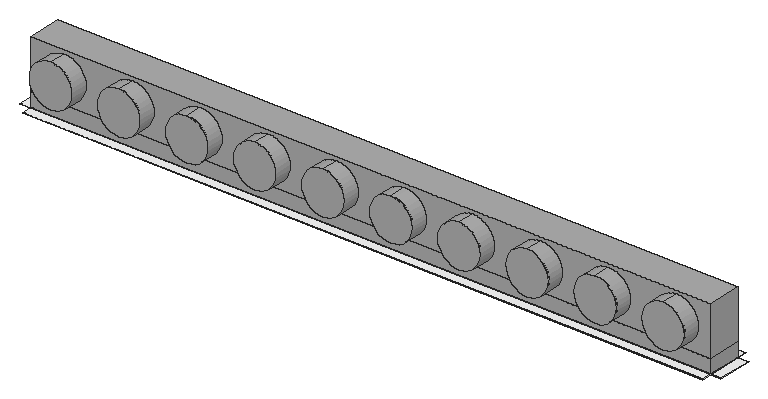
Revit family "Универсал с адаптером (2-10 Подключений) Приток", category Арматура воздуховодов, Revit 2022
Family settings
  Размер круглого соединителя = Использовать диаметр
  Тип детали = Вставляется
  На основе рабочей плоскости = Нет
  Всегда вертикально = Да
  При загрузке вырезать с полостями = Нет
  Общий = Нет
Parameters (values of type "Универсал с адаптером")
  Ширина щели решетки [instance] = 10 mm
  Ширина решетки [instance] = 100 mm
  УГО приток = yes
  УГО вытяжка = no
  Скорость воздуха [instance] = ADSK_Расход воздуха / Площадь сечения решетки  # 0.0 m/s
  Площадь сечения решетки [instance] = Длина решетки * Ширина решетки - ((Длина решетки - 2 * Ширина щели решетки) * (Ширина решетки - 2 * Ширина щели решетки))  # 0.0416 m²
  Патрубок_Расход [instance] = ADSK_Расход воздуха / Патрубки_Количество  # 0 m³/h
  Патрубки_Шаг [instance] = ADSK_Размер_Длина / Патрубки_Количество  # 200 mm
  Патрубки_Сверху [instance] = no
  Патрубки_Отступ [instance] = Патрубки_Шаг / 2  # 100 mm
  Патрубки_Количество [instance] = 10
  Отступ губ [instance] = if(Г_обр адаптер, 0 mm, (ADSK_Размер_Ширина - Ширина решетки) / 2)  # 0 mm
  Отметка по умолчанию = 0 mm
  Наименование решетки [instance] = "Вентиляционная решетка SCHIBERG УНИВЕРСАЛ"  # constant formula
  Метка [instance] = ""
  Материал КСД = ADSK_Сталь оцинкованная
  Марка решетки [instance] = size_lookup("Мини", "M", "НЕ НАЙДЕН ТИПОРАЗМЕР", ADSK_Размер_Длина, Ширина решетки, Ширина щели решетки)  # "2000x100-10"
  Количество патрубков [instance] = if(Патрубки_Количество < 2, 2, Патрубки_Количество)  # 10
  КСД_Угол [instance] = if(Патрубки_Сверху, 100.00°, 10.00°)  # 10.00°
  Патрубки_Длина = 50 mm
  КСД_Отступ [instance] = if(Патрубки_Сверху, 0.5 * ADSK_Размер_Высота, ADSK_Размер_Ширина / 2)  # 50 mm
  Патрубки_Диаметр [instance] = 125 mm
  Длина решетки [instance] = 2000 mm
  Г_обр адаптер [instance] = no
  H [instance] = Высота губ + 2 mm  # 42 mm
  Высота губ [instance] = 40 mm
  ADSK_Расход воздуха [instance] = 0 m³/h
  ADSK_Размер_Ширина [instance] = if(Патрубки_Сверху, if(Патрубки_Диаметр = 75 mm, if(Патрубки_Диаметр + 25 mm > Ширина решетки, Патрубки_Диаметр + 25 mm, Ширина решетки), if(Патрубки_Диаметр = 90 mm, if(Патрубки_Диаметр + 30 mm > Ширина решетки, Патрубки_Диаметр + 30 mm, Ширина решетки), if(Патрубки_Диаметр + 20 mm > Ширина решетки, Патрубки_Диаметр + 20 mm, Ширина решетки))), Ширина решетки)  # 100 mm
  ADSK_Размер_Длина [instance] = Длина решетки  # 2000 mm
  ADSK_Размер_Высота [instance] = if(Патрубки_Диаметр = 75 mm, Патрубки_Диаметр + 25 mm, if(Патрубки_Диаметр = 90 mm, Патрубки_Диаметр + 30 mm, Патрубки_Диаметр + 20 mm))  # 145 mm
  ADSK_Примечание [instance] = if(Высота губ = 40 mm, "", "Не типовая высота губ")  # ""
  ADSK_Потеря давления воздуха [instance] = 0.0 Pa
  ADSK_Позиция_Сортировка [instance] = 0
  ADSK_Позиция_Комплект [instance] = 0
  ADSK_Наименование краткое = "Адаптер с решеткой SCHIBERG"  # constant formula
  ADSK_Наименование [instance] = if(ADSK_Размер_Ширина = Ширина решетки, "Адаптер П-образный под решетку SCHIBERG", if(Г_обр адаптер, "Адаптер Г-образный под решетку SCHIBERG", "Адаптер Т-образный под решетку SCHIBERG"))  # "Адаптер П-образный под решетку SCHIBERG"
  ADSK_Материал = RGB_RAL 9003 (Белый сигнальный)
  ADSK_Марка [instance] = size_lookup("КСД для прямоугольных", "", "НЕ НАЙДЕН ТИПОРАЗМЕР", ADSK_Размер_Длина, Ширина решетки, Количество патрубков, Патрубки_Диаметр, КСД_Угол)  # "2000х100 (сверху 10х125)"
  ADSK_Количество = 1  # constant formula
  ADSK_Код изделия = ""
  ADSK_Завод-изготовитель = "SCHIBERG"  # constant formula
  ADSK_Единица измерения = "шт."  # constant formula
  ADSK_Группирование [instance] = ""
  75+ [instance] = not([75])  # yes
  75 [instance] = or(Патрубки_Диаметр = 75 mm, Патрубки_Диаметр = 90 mm)  # no
Reference planes
  plane 1 "По центру (Вперед/Назад)": y = 0
  plane 2: z = 0
  plane 3 "По центру (Влево/Вправо)": x = 0
  plane 4: z = 42
  plane 5: y = 50
  plane 6: y = -50
  plane 7: x = -1000
  plane 8: x = 1000
  plane 9: z = 187
  plane 10: y = -50
  plane 11 "Патрубки": z = 114.5
  plane 12: x = -900
  plane 13: x = -700
  plane 14: y = 50
  plane 15: y = 0
Forms (mm)
  Extrusion 1, solid, material "ADSK_Сталь оцинкованная" <- "Материал КСД", detail levels medium+fine
    sketch origin (0, 0, 0) x (0, 1, 0) y (0, 0, 1)
      loop
        line (50, 42) -> (-50, 42) -> (-50, 1) -> (50, 1) -> (50, 42)
    from -1000 to 1000
  Extrusion 2, solid, material "ADSK_Сталь оцинкованная" <- "Материал КСД", detail levels medium+fine
    sketch origin (0, 0, 0) x (0, 1, 0) y (0, 0, 1)
      loop
        line (50, 187) -> (-50, 187) -> (-50, 42) -> (50, 42) -> (50, 187)
    from -1000 to 1000
Lines and regions (mm)
  symbolic lines, detail levels coarse+medium
    curve 1: line (-1000, 108.5, 0) -> (1000, 108.5, 0)
    curve 2: line (-1000, -50, 0) -> (-1000, 108.5, 0)
    curve 3: line (1000, -50, 0) -> (-1000, -50, 0)
    curve 4: line (1000, 108.5, 0) -> (1000, -50, 0)
  model lines, visible <- "УГО приток"
    curve 5: line (-200, 0, -69.985) -> (200, 0, -69.985)
    curve 6: line (-200, 0, -69.985) -> (0, 0, -185.455)
    curve 7: line (0, 0, -185.455) -> (200, 0, -69.985)
  model lines, visible <- "УГО вытяжка"
    curve 8: line (-200, 0, -185.455) -> (200, 0, -185.455)
    curve 9: line (0, 0, -69.985) -> (200, 0, -185.455)
    curve 10: line (0, 0, -69.985) -> (-200, 0, -185.455)
Dimensions and locks
  "H": plane 4 to level
  "Ширина решетки": plane 5 to plane 6
  equal spacing: plane 7, plane 3 "По центру (Влево/Вправо)", plane 8
  "ADSK_Размер_Длина": plane 7 to plane 8
  "ADSK_Размер_Высота": plane 9 to plane 4
  equal spacing: plane 9, plane 11 "Патрубки", plane 4
  "Патрубки_Отступ": plane 7 to plane 12
  "Патрубки_Шаг": plane 12 to plane 13
  equal spacing: group 1, group 2, group 3, group 4, group 5, group 6, group 7, group 8, group 9, group 10  (x2)
  equal spacing: group 10, group 9, group 8, group 7, group 6, group 5, group 4, group 3, group 2, group 1
  "ADSK_Размер_Ширина": plane 14 to plane 10
  equal spacing: curve 5, plane 3 "По центру (Влево/Вправо)", curve 5
  locked: curve 5 to curve 5 at 400
  equal spacing: plane 14, plane 1 "По центру (Вперед/Назад)", plane 10
  "Отступ губ": plane 14 to plane 5
  locked: plane 2 to curve 5 at 69.985
  locked: level to curve 8 at 185.455
  equal spacing: curve 9, plane 3 "По центру (Влево/Вправо)", curve 10
  equal spacing: plane 5, plane 15, plane 6
  locked: curve 5 to curve 7 (angle 30.00°)
  locked: curve 6 to curve 5 (angle 30.00°)
  locked: curve 8 to curve 10 (angle 30.00°)
  locked: curve 9 to curve 8 (angle 30.00°)
  aligned and locked: level to plane 2
  aligned and locked: plane 4 to Extrusion 1 sketch curve
  aligned and locked: Extrusion 1 sketch curve to plane 5
  aligned and locked: Extrusion 1 sketch curve to plane 6
  aligned and locked: Extrusion 1 to plane 7
  aligned and locked: plane 8 to Extrusion 1
  aligned and locked: plane 10 to Extrusion 2 sketch curve
  aligned and locked: Extrusion 2 sketch curve to plane 9
  aligned and locked: Extrusion 2 sketch curve to plane 4
  aligned and locked: plane 8 to Extrusion 2
  aligned and locked: Extrusion 2 to plane 7
  aligned and locked: plane 11 "Патрубки" to nested 1
  aligned and locked: nested 1 to plane 12
  aligned and locked: nested 2 to plane 13
  aligned and locked: plane 11 "Патрубки" to nested 2
  aligned and locked: plane 7 to curve 2
  aligned and locked: curve 4 to plane 8
  aligned and locked: plane 10 to curve 3
  aligned and locked: Extrusion 2 to plane 14
  aligned and locked: plane 1 "По центру (Вперед/Назад)" to nested 1
  aligned and locked: plane 1 "По центру (Вперед/Назад)" to nested 10
  aligned and locked: plane 1 "По центру (Вперед/Назад)" to nested 9
  aligned and locked: plane 1 "По центру (Вперед/Назад)" to nested 8
  aligned and locked: plane 1 "По центру (Вперед/Назад)" to nested 7
  aligned and locked: plane 1 "По центру (Вперед/Назад)" to nested 6
  aligned and locked: plane 1 "По центру (Вперед/Назад)" to nested 5
  aligned and locked: plane 1 "По центру (Вперед/Назад)" to nested 4
  aligned and locked: plane 1 "По центру (Вперед/Назад)" to nested 3
  aligned and locked: plane 1 "По центру (Вперед/Назад)" to nested 2
  aligned and locked: plane 3 "По центру (Влево/Вправо)" to nested 11
  aligned and locked: nested 11 to level
  aligned and locked: nested 11 to plane 15
Automatic sketch dimensions
  curve 1 to plane 5 = 58.5 mm
  Extrusion 1 sketch curve to plane 6 = 0 mm
  Extrusion 2 sketch curve to plane 5 = 0 mm
  level to Extrusion 1 sketch curve = 1 mm
Nested families
  nested 1: "Патрубки" at (-900, 0, 114.5) x (0, -1, 0) z (0, 0, 1), ADSK_Материал <- "Материал КСД", D <- "Патрубки_Диаметр", L <- "Патрубки_Длина", S <- "КСД_Отступ", Угол <- "КСД_Угол", Видимость 1 <- "75+", Видимость 2 <- "75", type "Патрубки"
    with Угол 10.00°, Видимость 2 no, Видимость 1 yes, S 50 mm, L 50 mm, D 125 mm, ADSK_Материал ADSK_Сталь оцинкованная, ADSK_Количество 1
  nested 2: "Патрубки" at (-700, 0, 114.5) x (0, -1, 0) z (0, 0, 1), ADSK_Материал <- "Материал КСД", D <- "Патрубки_Диаметр", L <- "Патрубки_Длина", S <- "КСД_Отступ", Угол <- "КСД_Угол", Видимость 1 <- "75+", Видимость 2 <- "75", type "Патрубки"
    with Угол 10.00°, Видимость 2 no, Видимость 1 yes, S 50 mm, L 50 mm, D 125 mm, ADSK_Материал ADSK_Сталь оцинкованная, ADSK_Количество 1
  nested 3: "Патрубки" at (-500, 0, 114.5) x (0, -1, 0) z (0, 0, 1), ADSK_Материал <- "Материал КСД", D <- "Патрубки_Диаметр", L <- "Патрубки_Длина", S <- "КСД_Отступ", Угол <- "КСД_Угол", Видимость 1 <- "75+", Видимость 2 <- "75", type "Патрубки"
    with Угол 10.00°, Видимость 2 no, Видимость 1 yes, S 50 mm, L 50 mm, D 125 mm, ADSK_Материал ADSK_Сталь оцинкованная, ADSK_Количество 1
  nested 4: "Патрубки" at (-300, 0, 114.5) x (0, -1, 0) z (0, 0, 1), ADSK_Материал <- "Материал КСД", D <- "Патрубки_Диаметр", L <- "Патрубки_Длина", S <- "КСД_Отступ", Угол <- "КСД_Угол", Видимость 1 <- "75+", Видимость 2 <- "75", type "Патрубки"
    with Угол 10.00°, Видимость 2 no, Видимость 1 yes, S 50 mm, L 50 mm, D 125 mm, ADSK_Материал ADSK_Сталь оцинкованная, ADSK_Количество 1
  nested 5: "Патрубки" at (-100, 0, 114.5) x (0, -1, 0) z (0, 0, 1), ADSK_Материал <- "Материал КСД", D <- "Патрубки_Диаметр", L <- "Патрубки_Длина", S <- "КСД_Отступ", Угол <- "КСД_Угол", Видимость 1 <- "75+", Видимость 2 <- "75", type "Патрубки"
    with Угол 10.00°, Видимость 2 no, Видимость 1 yes, S 50 mm, L 50 mm, D 125 mm, ADSK_Материал ADSK_Сталь оцинкованная, ADSK_Количество 1
  nested 6: "Патрубки" at (100, 0, 114.5) x (0, -1, 0) z (0, 0, 1), ADSK_Материал <- "Материал КСД", D <- "Патрубки_Диаметр", L <- "Патрубки_Длина", S <- "КСД_Отступ", Угол <- "КСД_Угол", Видимость 1 <- "75+", Видимость 2 <- "75", type "Патрубки"
    with Угол 10.00°, Видимость 2 no, Видимость 1 yes, S 50 mm, L 50 mm, D 125 mm, ADSK_Материал ADSK_Сталь оцинкованная, ADSK_Количество 1
  nested 7: "Патрубки" at (300, 0, 114.5) x (0, -1, 0) z (0, 0, 1), ADSK_Материал <- "Материал КСД", D <- "Патрубки_Диаметр", L <- "Патрубки_Длина", S <- "КСД_Отступ", Угол <- "КСД_Угол", Видимость 1 <- "75+", Видимость 2 <- "75", type "Патрубки"
    with Угол 10.00°, Видимость 2 no, Видимость 1 yes, S 50 mm, L 50 mm, D 125 mm, ADSK_Материал ADSK_Сталь оцинкованная, ADSK_Количество 1
  nested 8: "Патрубки" at (500, 0, 114.5) x (0, -1, 0) z (0, 0, 1), ADSK_Материал <- "Материал КСД", D <- "Патрубки_Диаметр", L <- "Патрубки_Длина", S <- "КСД_Отступ", Угол <- "КСД_Угол", Видимость 1 <- "75+", Видимость 2 <- "75", type "Патрубки"
    with Угол 10.00°, Видимость 2 no, Видимость 1 yes, S 50 mm, L 50 mm, D 125 mm, ADSK_Материал ADSK_Сталь оцинкованная, ADSK_Количество 1
  nested 9: "Патрубки" at (700, 0, 114.5) x (0, -1, 0) z (0, 0, 1), ADSK_Материал <- "Материал КСД", D <- "Патрубки_Диаметр", L <- "Патрубки_Длина", S <- "КСД_Отступ", Угол <- "КСД_Угол", Видимость 1 <- "75+", Видимость 2 <- "75", type "Патрубки"
    with Угол 10.00°, Видимость 2 no, Видимость 1 yes, S 50 mm, L 50 mm, D 125 mm, ADSK_Материал ADSK_Сталь оцинкованная, ADSK_Количество 1
  nested 10: "Патрубки" at (900, 0, 114.5) x (0, -1, 0) z (0, 0, 1), ADSK_Материал <- "Материал КСД", D <- "Патрубки_Диаметр", L <- "Патрубки_Длина", S <- "КСД_Отступ", Угол <- "КСД_Угол", Видимость 1 <- "75+", Видимость 2 <- "75", type "Патрубки"
    with Угол 10.00°, Видимость 2 no, Видимость 1 yes, S 50 mm, L 50 mm, D 125 mm, ADSK_Материал ADSK_Сталь оцинкованная, ADSK_Количество 1
  nested 11: "Прямоугольная решетка" at (0, 0, 0) x (1, 0, 0) z (0, -1, 0), ADSK_Расход воздуха <- "ADSK_Расход воздуха", Скорость воздуха <- "Скорость воздуха", ADSK_Марка <- "Марка решетки", ADSK_Наименование <- "Наименование решетки", ADSK_Размер_Длина <- "Длина решетки", ADSK_Размер_Ширина <- "Ширина решетки", Ширина щели <- "Ширина щели решетки", Материал отделки <- "ADSK_Материал", ADSK_Обозначение <- "Метка", type "Решетка Schiberg"
    with Ширина щели 10 mm, Скорость воздуха 0.0 m/s, Материал отделки RGB_RAL 9003 (Белый сигнальный), ADSK_Расход воздуха 0 m³/h, ADSK_Размер_Ширина 100 mm, ADSK_Размер_Длина 2000 mm, ADSK_Позиция "", ADSK_Обозначение "", ADSK_Наименование краткое "", ADSK_Наименование "Вентиляционная решетка SCHIBERG УНИВЕРСАЛ", ADSK_Марка "2000x100-10"
Connectors
  hvac at (-900, -100, 114.5), driven by "Патрубки_Диаметр", driven by "Патрубок_Расход", driven by "ADSK_Потеря давления воздуха"
    settings: on nested 1, index 1, duct flow 0 m³/h, flow factor 0, pres drop 0.0 Pa, loss coef 0, conn angle 0.00°, conn width 304.8 mm, conn height 304.8 mm, conn diameter 125 mm, duct sys type 1, conn prof type 0, flow config 1, flow direction 1, loss method 0, conn ref index -1, conn util no, is conn primary yes, conn desc ""
  hvac at (-700, -100, 114.5), driven by "Патрубки_Диаметр", driven by "Патрубок_Расход"
    settings: on nested 2, index 2, duct flow 0 m³/h, flow factor 0, pres drop 0.0 Pa, loss coef 0, conn angle 0.00°, conn width 304.8 mm, conn height 304.8 mm, conn diameter 125 mm, duct sys type 1, conn prof type 0, flow config 1, flow direction 1, loss method 0, conn ref index -1, conn util no, is conn primary no, conn desc ""
  hvac at (-500, -100, 114.5), driven by "Патрубки_Диаметр", driven by "Патрубок_Расход"
    settings: on nested 3, index 3, duct flow 0 m³/h, flow factor 0, pres drop 0.0 Pa, loss coef 0, conn angle 0.00°, conn width 304.8 mm, conn height 304.8 mm, conn diameter 125 mm, duct sys type 1, conn prof type 0, flow config 1, flow direction 1, loss method 0, conn ref index -1, conn util no, is conn primary no, conn desc ""
  hvac at (-300, -100, 114.5), driven by "Патрубки_Диаметр", driven by "Патрубок_Расход"
    settings: on nested 4, index 5, duct flow 0 m³/h, flow factor 0, pres drop 0.0 Pa, loss coef 0, conn angle 0.00°, conn width 304.8 mm, conn height 304.8 mm, conn diameter 125 mm, duct sys type 1, conn prof type 0, flow config 1, flow direction 1, loss method 0, conn ref index -1, conn util no, is conn primary no, conn desc ""
  hvac at (-100, -100, 114.5), driven by "Патрубки_Диаметр", driven by "Патрубок_Расход"
    settings: on nested 5, index 6, duct flow 0 m³/h, flow factor 0, pres drop 0.0 Pa, loss coef 0, conn angle 0.00°, conn width 304.8 mm, conn height 304.8 mm, conn diameter 125 mm, duct sys type 1, conn prof type 0, flow config 1, flow direction 1, loss method 0, conn ref index -1, conn util no, is conn primary no, conn desc ""
  hvac at (100, -100, 114.5), driven by "Патрубки_Диаметр", driven by "Патрубок_Расход"
    settings: on nested 6, index 7, duct flow 0 m³/h, flow factor 0, pres drop 0.0 Pa, loss coef 0, conn angle 0.00°, conn width 304.8 mm, conn height 304.8 mm, conn diameter 125 mm, duct sys type 1, conn prof type 0, flow config 1, flow direction 1, loss method 0, conn ref index -1, conn util no, is conn primary no, conn desc ""
  hvac at (300, -100, 114.5), driven by "Патрубки_Диаметр", driven by "Патрубок_Расход"
    settings: on nested 7, index 8, duct flow 0 m³/h, flow factor 0, pres drop 0.0 Pa, loss coef 0, conn angle 0.00°, conn width 304.8 mm, conn height 304.8 mm, conn diameter 125 mm, duct sys type 1, conn prof type 0, flow config 1, flow direction 1, loss method 0, conn ref index -1, conn util no, is conn primary no, conn desc ""
  hvac at (500, -100, 114.5), driven by "Патрубки_Диаметр", driven by "Патрубок_Расход"
    settings: on nested 8, index 9, duct flow 0 m³/h, flow factor 0, pres drop 0.0 Pa, loss coef 0, conn angle 0.00°, conn width 304.8 mm, conn height 304.8 mm, conn diameter 125 mm, duct sys type 1, conn prof type 0, flow config 1, flow direction 1, loss method 0, conn ref index -1, conn util no, is conn primary no, conn desc ""
  hvac at (700, -100, 114.5), driven by "Патрубки_Диаметр", driven by "Патрубок_Расход"
    settings: on nested 9, index 10, duct flow 0 m³/h, flow factor 0, pres drop 0.0 Pa, loss coef 0, conn angle 0.00°, conn width 304.8 mm, conn height 304.8 mm, conn diameter 125 mm, duct sys type 1, conn prof type 0, flow config 1, flow direction 1, loss method 0, conn ref index -1, conn util no, is conn primary no, conn desc ""
  hvac at (900, -100, 114.5), driven by "Патрубки_Диаметр", driven by "Патрубок_Расход"
    settings: on nested 10, index 11, duct flow 0 m³/h, flow factor 0, pres drop 0.0 Pa, loss coef 0, conn angle 0.00°, conn width 304.8 mm, conn height 304.8 mm, conn diameter 125 mm, duct sys type 1, conn prof type 0, flow config 1, flow direction 1, loss method 0, conn ref index -1, conn util no, is conn primary no, conn desc ""
Definition of nested family "Патрубки"
  Parameters (values of type "Патрубки")
    Угол [instance] = 30.00°
    Default Elevation = 0 mm
    Видимость 2 [instance] = no
    Видимость 1 [instance] = yes
    S [instance] = 70 mm
    L [instance] = 50 mm
    D [instance] = 100 mm
    ADSK_Наименование = "Врезка в адаптер"
    ADSK_Материал [instance] = none
    ADSK_Количество [instance] = if(Видимость 1, 1, 0)  # 1
    ADSK_Единица измерения = "шт."  # constant formula
  Reference planes
    plane 1 "По центру (Вперед/Назад)": y = 0
    plane 2: z = 0
    plane 3 "По центру (Влево/Вправо)": x = 0
  Forms (mm)
    Sweep 1, solid, material <- "ADSK_Материал", visible <- "Видимость 1"
      path in 3D
        loop
          line (65.778, 0, 23.941) -> (112.763, 0, 41.042)
      profile origin (89.271, 0, 32.492) x (-0.34202, 0, 0.939693) y (0, -1, 0)
        loop
          circle (0, 0) r 50
  Lines and regions (mm)
    reference lines
      curve 1: line (0, 0, 0) -> (14.772, 0, -2.605)
      curve 2: line (0, 0, 0) -> (65.778, 0, 23.941)
      curve 3: line (65.778, 0, 23.941) -> (112.763, 0, 41.042)
    sketch lines
      curve 4: line (65.778, 0, 23.941) -> (112.763, 0, 41.042)
    model lines, detail levels coarse
      curve 5: line (0, 0, 0) -> (65.778, 0, 23.941)
      curve 6: line (65.778, 0, 23.941) -> (112.763, 0, 41.042)
  Dimensions and locks
    "S": curve 2 to curve 2
    "L": curve 3 to curve 3
    "S": curve 5 to curve 5
    "L": curve 6 to curve 6
    "D": diameter of Sweep 1 sketch curve
    locked: curve 1 to level (angle 10.00°)
    "Угол": angle curve 1 to curve 2
    "Угол": angle curve 1 to curve 3
    "Угол": angle curve 1 to curve 5
    "Угол": angle curve 1 to curve 6
    "Угол": angle curve 1 to nested 1
    aligned and locked: level to plane 2
    aligned and locked: plane 3 "По центру (Влево/Вправо)" to curve 1
    aligned and locked: level to curve 1
    aligned and locked: plane 3 "По центру (Влево/Вправо)" to curve 2
    aligned and locked: level to curve 2
    aligned and locked: plane 3 "По центру (Влево/Вправо)" to curve 5
    aligned and locked: level to curve 5
    aligned and locked: nested 1 to Sweep 1
  Automatic sketch dimensions
    Sweep 1 sketch curve to profile plane = 0 mm
    profile plane to Sweep 1 sketch curve = 0 mm
  Nested families
    nested 1: "Фланец DN75" at (54.032, 0, 19.666) x (0, 1, 0) z (0.342, 0, -0.9397), visible <- "Видимость 2", Типоразмер <- "D", type "Default 2"
      with Типоразмер 100 mm, Длина 75 mm, Двн врезки 35 mm, r3 100 mm, r2 40 mm, r1 35 mm, D90 no, D75 no, ADSK_Техническая характеристика "Ø75", ADSK_Марка "", ADSK_Количество 1, ADSK_Код изделия "", ADSK_Единица измерения "шт."
  Definition of nested family "Фланец DN75"
    Parameters (values of type "Фланец")
      б = 3.5 mm  # constant formula
      Толщина стенки = 1 mm  # constant formula
      Типоразмер [instance] = 75 mm
      Default Elevation = 0 mm
      Длина [instance] = 75 mm  # constant formula
      Двн врезки [instance] = if(D90, 45 mm, 35 mm)  # 35 mm
      Глубина врезки = 13.5 mm  # constant formula
      r3 [instance] = 100 mm  # constant formula
      r2 [instance] = Двн врезки + 5 mm  # 40 mm
      r1 [instance] = Двн врезки  # 35 mm
      D90 [instance] = if(Типоразмер = 90 mm, 1 = 1, 1 = 0)  # no
      D75 [instance] = if(Типоразмер = 75 mm, 1 = 1, 1 = 0)  # yes
      ADSK_Техническая характеристика [instance] = if(D90, "Ø90", "Ø75")  # "Ø75"
      ADSK_Наименование = "Фланец"  # constant formula
      ADSK_Марка [instance] = ""
      ADSK_Количество [instance] = 1  # constant formula
      ADSK_Код изделия [instance] = ""
      ADSK_Завод-изготовитель = "SCHIBERG"  # constant formula
      ADSK_Единица измерения [instance] = "шт."  # constant formula
    Reference planes
      plane 1 "По центру (Вперед/Назад)": y = 0
      plane 2: z = 0
      plane 3 "По центру (Влево/Вправо)": x = 0
      plane 4: x = -35
      plane 5: x = -38.5
      plane 6: y = -75
      plane 7: y = -13.5
    Forms (mm)
      Extrusion 1, solid
        sketch origin (0, 0, 0) x (1, 0, 0) y (0, 1, 0)
          loop
            line (1.764, -7.5) -> (24.182, -7.5)
            arc (24.182, -7.5) -> (24.76, -7.26) -> (25, -6.682) r 0.818
            line (25, -6.682) -> (25, -4.498)
            arc (25, -4.498) -> (24.923, -4.111) -> (24.704, -3.783) r 1.012
            line (24.704, -3.783) -> (21.251, -0.33)
            arc (21.251, -0.33) -> (20.885, -0.086) -> (20.454, 0) r 1.127
            line (20.454, 0) -> (-14.395, 0)
            arc (-14.395, 0) -> (-14.797, -0.08) -> (-15.139, -0.308) r 1.052
            line (-15.139, -0.308) -> (-24.68, -9.849)
            arc (-24.68, -9.849) -> (-24.917, -10.204) -> (-25, -10.623) r 1.094
            line (-25, -10.623) -> (-25, -12.137) -> (-22.993, -12.137) -> (-22.993, -11.028) -> (-2.639, -11.028)
            arc (-2.639, -11.028) -> (-2.23, -10.947) -> (-1.884, -10.715) r 1.068
            line (-1.884, -10.715) -> (1.026, -7.806)
            arc (1.026, -7.806) -> (1.365, -7.58) -> (1.764, -7.5) r 1.045
        from 20 to 70
      Extrusion 2, solid
        sketch origin (0, 0, 0) x (-0.5, 0, -0.866025) y (0, 1, 0)
          loop
            line (1.764, -7.5) -> (24.182, -7.5)
            arc (24.182, -7.5) -> (24.76, -7.26) -> (25, -6.682) r 0.818
            line (25, -6.682) -> (25, -4.498)
            arc (25, -4.498) -> (24.923, -4.111) -> (24.704, -3.783) r 1.012
            line (24.704, -3.783) -> (21.251, -0.33)
            arc (21.251, -0.33) -> (20.885, -0.086) -> (20.454, 0) r 1.127
            line (20.454, 0) -> (-14.395, 0)
            arc (-14.395, 0) -> (-14.797, -0.08) -> (-15.139, -0.308) r 1.052
            line (-15.139, -0.308) -> (-24.68, -9.849)
            arc (-24.68, -9.849) -> (-24.917, -10.204) -> (-25, -10.623) r 1.094
            line (-25, -10.623) -> (-25, -12.137) -> (-22.993, -12.137) -> (-22.993, -11.028) -> (-2.639, -11.028)
            arc (-2.639, -11.028) -> (-2.23, -10.947) -> (-1.884, -10.715) r 1.068
            line (-1.884, -10.715) -> (1.026, -7.806)
            arc (1.026, -7.806) -> (1.365, -7.58) -> (1.764, -7.5) r 1.045
        from 20 to 70
      Extrusion 3, solid
        sketch origin (0, 0, 0) x (-0.5, 0, 0.866025) y (0, 1, 0)
          loop
            line (1.764, -7.5) -> (24.182, -7.5)
            arc (24.182, -7.5) -> (24.76, -7.26) -> (25, -6.682) r 0.818
            line (25, -6.682) -> (25, -4.498)
            arc (25, -4.498) -> (24.923, -4.111) -> (24.704, -3.783) r 1.012
            line (24.704, -3.783) -> (21.251, -0.33)
            arc (21.251, -0.33) -> (20.885, -0.086) -> (20.454, 0) r 1.127
            line (20.454, 0) -> (-14.395, 0)
            arc (-14.395, 0) -> (-14.797, -0.08) -> (-15.139, -0.308) r 1.052
            line (-15.139, -0.308) -> (-24.68, -9.849)
            arc (-24.68, -9.849) -> (-24.917, -10.204) -> (-25, -10.623) r 1.094
            line (-25, -10.623) -> (-25, -12.137) -> (-22.993, -12.137) -> (-22.993, -11.028) -> (-2.639, -11.028)
            arc (-2.639, -11.028) -> (-2.23, -10.947) -> (-1.884, -10.715) r 1.068
            line (-1.884, -10.715) -> (1.026, -7.806)
            arc (1.026, -7.806) -> (1.365, -7.58) -> (1.764, -7.5) r 1.045
        from 20 to 70
      Extrusion 4, void
        sketch origin (0, 0, 0) x (1, 0, 0) y (0, 0, 1)
          loop
            circle (0, 0) r 35
        from 0 to 15
      Extrusion 5, void
        sketch origin (0, 0, 0) x (1, 0, 0) y (0, 0, 1)
          loop
            circle (0, 0) r 100
          loop
            circle (0, 0) r 40
        from 0 to 13
      Revolve 6, solid
        sketch origin (0, 0, 0) x (1, 0, 0) y (0, 1, 0)
          loop
            line (-44.5, -13.5) -> (-36, -13.5) -> (-36, -12.5) -> (-39.036, -9.464) -> (-39.743, -10.172) -> (-37.414, -12.5) -> (-44.5, -12.5) -> (-44.5, -13.5)
          axis (0, -9.464) -> (0, -13.5)
        angle from 0 to 360
      Revolve 7, solid
        sketch origin (0, 0, 0) x (1, 0, 0) y (0, 1, 0)
          loop
            line (-35, 0) -> (-36, 0) -> (-36, -13.5) -> (-44.225, -13.5) -> (-44.225, -14.5) -> (-39.5, -14.5) -> (-39.5, -57.532)
            arc (-39.5, -57.532) -> (-39.675, -60.208) -> (-40.199, -62.839) r 20.506
            line (-40.199, -62.839) -> (-43.457, -75) -> (-42.422, -75) -> (-39.319, -63.42)
            arc (-39.319, -63.42) -> (-38.706, -60.336) -> (-38.5, -57.198) r 24.042
            line (-38.5, -57.198) -> (-38.5, -14.5) -> (-35, -14.5) -> (-35, 0)
          axis (0, 0) -> (0, -75)
        angle from 0 to 360
    Cuts and joins
      Extrusion 4, Extrusion 5 cuts Extrusion 1
      Extrusion 4, Extrusion 5 cuts Extrusion 2
      Extrusion 4, Extrusion 5 cuts Extrusion 3
    Dimensions and locks
      "Двн врезки": plane 4 to plane 3 "По центру (Влево/Вправо)"
      "б": plane 5 to plane 4
      "Длина": plane 6 to plane 1 "По центру (Вперед/Назад)"
      "Глубина врезки": plane 7 to plane 1 "По центру (Вперед/Назад)"
      "Толщина стенки": Revolve 7 sketch curve to plane 4
      "Толщина стенки": plane 7 to Revolve 7 sketch curve
      "Толщина стенки": Revolve 7 sketch curve to plane 5
      "Толщина стенки": Revolve 7 sketch curve to Revolve 7 sketch curve
      "Толщина стенки": Revolve 6 sketch curve to plane 7
      "Толщина стенки": Revolve 6 sketch curve to plane 4
      locked: Revolve 6 sketch curve to plane 4 at 9.5
      "Толщина стенки": Revolve 6 sketch curve to Revolve 6 sketch curve  (x2)
      locked: Revolve 6 sketch curve to Revolve 6 sketch curve at 5
      "r1": radius of Extrusion 4 sketch curve
      "r2": radius of Extrusion 5 sketch curve
      "r3": radius of Extrusion 5 sketch curve
      locked: Revolve 7 sketch curve to plane 5 (angle 15.00°)
      locked: plane 4 to Revolve 6 sketch curve (angle 45.00°)
      aligned and locked: level to plane 2
      aligned and locked: Revolve 7 sketch curve to plane 4
      aligned and locked: Revolve 7 sketch curve to plane 5
      aligned and locked: Revolve 7 sketch curve to plane 1 "По центру (Вперед/Назад)"
      aligned and locked: plane 7 to Revolve 7 sketch curve
      aligned and locked: Revolve 7 sketch curve to plane 3 "По центру (Влево/Вправо)"
      aligned and locked: Revolve 7 sketch curve to plane 6
      aligned and locked: Revolve 6 sketch curve to plane 7
      aligned and locked: plane 3 "По центру (Влево/Вправо)" to Extrusion 4 sketch curve
      aligned and locked: plane 2 to Extrusion 4 sketch curve
      aligned and locked: plane 3 "По центру (Влево/Вправо)" to Extrusion 5 sketch curve  (x2)
      aligned and locked: plane 2 to Extrusion 5 sketch curve  (x2)
    Automatic sketch dimensions
      Revolve 6 sketch curve to plane 3 "По центру (Влево/Вправо)" = 0 mm
      Revolve 6 sketch curve to plane 6 = 1925 mm
      Revolve 6 sketch curve to plane 1 "По центру (Вперед/Назад)" = 2000 mm
      Revolve 7 sketch curve to plane 5 = 1.699 mm
      Revolve 7 sketch curve to Revolve 7 sketch curve = 2.223 mm
      Revolve 7 sketch curve to Revolve 7 sketch curve = 4.725 mm
      plane 6 to Revolve 7 sketch curve = 17.468 mm
      Revolve 7 sketch curve to Revolve 7 sketch curve = 2.536 mm
      Revolve 7 sketch curve to plane 5 = 0.819 mm
      Revolve 7 sketch curve to plane 7 = 1 mm
      plane 6 to Revolve 7 sketch curve = 24.441 mm
      Revolve 7 sketch curve to plane 1 "По центру (Вперед/Назад)" = 19.441 mm
Definition of nested family "Прямоугольная решетка"
  Parameters (values of type "Решетка Schiberg")
    Ширина щели [instance] = 10 mm
    Толщина листа = 1 mm
    Скорость воздуха [instance] = 1.02881 m/s
    Default Elevation = 0 mm
    Материал отделки [instance] = none
    ADSK_Расход воздуха [instance] = 80 m³/h
    ADSK_Размер_Ширина [instance] = 55 mm
    ADSK_Размер_Длина [instance] = 1000 mm
    ADSK_Примечание = ""
    ADSK_Позиция [instance] = ""
    ADSK_Обозначение [instance] = ""
    ADSK_Наименование краткое [instance] = ""
    ADSK_Наименование [instance] = "Вентиляционная решётка SCHIBERG ПРОФИ"
    ADSK_Марка [instance] = "350X100-10"
    ADSK_Количество = 1  # constant formula
    ADSK_Завод-изготовитель = "SCHIBERG"  # constant formula
    ADSK_Единица измерения = "шт."  # constant formula
  Reference planes
    plane 1 "По центру (Вперед/Назад)": y = 0
    plane 2: z = 0
    plane 3 "По центру (Влево/Вправо)": x = 0
    plane 4: z = -27.5
    plane 5: z = 27.5
    plane 6: z = 57.5
    plane 7: z = -57.5
    plane 8: z = -17.5
    plane 9: z = 17.5
    plane 10: x = -500
    plane 11: x = 500
    plane 12: x = 530
    plane 13: x = -530
    plane 14: x = -490
    plane 15: x = 490
    plane 16: y = 1
    plane 17: y = -1
  Forms (mm)
    Extrusion 1, solid, material <- "Материал отделки", detail levels medium+fine
      sketch origin (0, 0, 0) x (1, 0, 0) y (0, 0, 1)
        loop
          line (-490, 17.5) -> (-490, -17.5) -> (490, -17.5) -> (490, 17.5) -> (-490, 17.5)
      from -1 to 0
    Extrusion 2, solid, material <- "Материал отделки", detail levels medium+fine
      sketch origin (0, 0, 0) x (1, 0, 0) y (0, 0, 1)
        loop
          line (-500, 27.5) -> (500, 27.5) -> (500, 57.5) -> (-500, 57.5) -> (-500, 27.5)
      from 0 to -1
    Extrusion 3, solid, material <- "Материал отделки", detail levels medium+fine
      sketch origin (-100, 0, 0) x (0, 0, 1) y (-1, 0, 0)
        loop
          line (-27.5, 400) -> (27.5, 400) -> (27.5, 430) -> (-27.5, 430) -> (-27.5, 400)
      from 0 to -1
    Extrusion 4, solid, material <- "Материал отделки", detail levels medium+fine
      sketch origin (100, 0, 0) x (0, 0, 1) y (-1, 0, 0)
        loop
          line (-27.5, -400) -> (-27.5, -430) -> (27.5, -430) -> (27.5, -400) -> (-27.5, -400)
      from 0 to -1
    Extrusion 5, solid, material <- "Материал отделки", detail levels medium+fine
      sketch origin (0, 0, 0) x (1, 0, 0) y (0, 0, 1)
        loop
          line (-500, -27.5) -> (-500, -57.5) -> (500, -57.5) -> (500, -27.5) -> (-500, -27.5)
      from 0 to -1
    Extrusion 6, solid, detail levels medium+fine
      sketch origin (0, 0, 0) x (1, 0, 0) y (0, 0, 1)
        loop
          line (-490, 17.5) -> (-490, -17.5) -> (490, -17.5) -> (490, 17.5) -> (-490, 17.5)
        loop
          line (-500, 27.5) -> (-500, -27.5) -> (500, -27.5) -> (500, 27.5) -> (-500, 27.5)
      from 0 to -1
  Lines and regions (mm)
    model lines, detail levels coarse
      curve 1: line (-530, 0, 0) -> (530, 0, 0)
  Dimensions and locks
    equal spacing: plane 9, level, plane 8
    equal spacing: plane 5, level, plane 4
    "ADSK_Размер_Ширина": plane 5 to plane 4
    equal spacing: plane 6, level, plane 7
    locked: plane 6 to plane 5 at 30
    equal spacing: plane 15, plane 3 "По центру (Влево/Вправо)", plane 14
    equal spacing: plane 11, plane 3 "По центру (Влево/Вправо)", plane 10
    equal spacing: plane 12, plane 3 "По центру (Влево/Вправо)", plane 13
    locked: plane 10 to plane 13 at 30
    "ADSK_Размер_Длина": plane 11 to plane 10
    plane 12 to plane 11 = 30 mm
    "Ширина щели": plane 14 to plane 10
    "Ширина щели": plane 5 to plane 9
    aligned and locked: level to plane 2
    aligned and locked: plane 1 "По центру (Вперед/Назад)" to Extrusion 1
    aligned and locked: plane 9 to Extrusion 1
    aligned and locked: Extrusion 1 to plane 14
    aligned and locked: plane 15 to Extrusion 1
    aligned and locked: Extrusion 1 to plane 8
    aligned and locked: Extrusion 2 to plane 5
    aligned and locked: plane 6 to Extrusion 2
    aligned and locked: Extrusion 3 to plane 13
    aligned and locked: plane 10 to Extrusion 3
    aligned and locked: Extrusion 3 sketch curve to plane 4
    aligned and locked: plane 5 to Extrusion 3 sketch curve
    aligned and locked: plane 11 to Extrusion 2 sketch curve
    aligned and locked: plane 6 to Extrusion 2 sketch curve
    aligned and locked: Extrusion 2 sketch curve to plane 5
    aligned and locked: Extrusion 2 sketch curve to plane 10
    aligned and locked: Extrusion 4 sketch curve to plane 12
    aligned and locked: Extrusion 4 sketch curve to plane 5
    aligned and locked: plane 4 to Extrusion 4 sketch curve
    aligned and locked: plane 11 to Extrusion 4 sketch curve
    aligned and locked: plane 10 to Extrusion 5 sketch curve
    aligned and locked: Extrusion 5 sketch curve to plane 4
    aligned and locked: plane 7 to Extrusion 5 sketch curve
    aligned and locked: Extrusion 5 sketch curve to plane 11
    aligned and locked: plane 16 to Extrusion 3
    aligned and locked: Extrusion 2 to plane 16
    aligned and locked: Extrusion 5 to plane 16
    aligned and locked: Extrusion 4 to plane 16
    aligned and locked: Extrusion 6 sketch curve to plane 14
    aligned and locked: Extrusion 6 sketch curve to plane 9
    aligned and locked: Extrusion 6 sketch curve to plane 15
    aligned and locked: Extrusion 6 sketch curve to plane 8
    aligned and locked: Extrusion 6 sketch curve to plane 10
    aligned and locked: plane 5 to Extrusion 6 sketch curve
    aligned and locked: Extrusion 6 sketch curve to plane 11
    aligned and locked: Extrusion 6 sketch curve to plane 4
    aligned and locked: plane 1 "По центру (Вперед/Назад)" to Extrusion 2
    aligned and locked: plane 13 to curve 1
    aligned and locked: plane 1 "По центру (Вперед/Назад)" to curve 1
  Automatic sketch dimensions
    Extrusion 1 sketch curve to plane 8 = 0 mm
    Extrusion 1 sketch curve to plane 14 = 0 mm
    Extrusion 1 sketch curve to plane 15 = 0 mm
    Extrusion 1 sketch curve to plane 9 = 0 mm
    Extrusion 3 sketch curve to plane 10 = 0 mm
    Extrusion 3 sketch curve to plane 13 = 0 mm
    curve 1 to plane 12 = 0 mm
